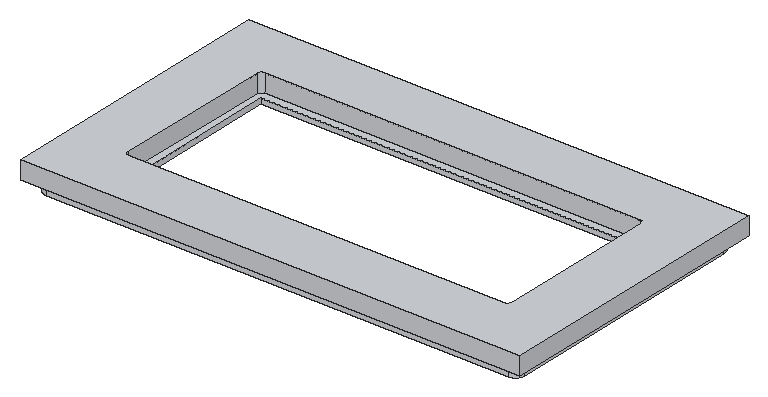
Revit family "Gira_1002122", category Electrical Fixtures, host Face, Revit 2017
Family settings
  Host = Face
  Maintain Annotation Orientation = No
  Round Connector Dimension = Use Diameter
  Part Type = Normal
  Cut with Voids When Loaded = No
  Shared = No
  Room Calculation Point = No
Parameters (values of type "Cov.fr. 2-g w/o cb Gira Esprit umber gl.")
  With mounting grid = "No"
  With hinged lid = "No"
  URL = "http://katalog.gira.de/en/datenblatt.html?artikelnr=1002122"
  Type of fastening = "Clamp mounting"
  Transparent = "No"
  Surface protection = "Other"
  Suitable for wall duct = "No"
  Suitable for flush-mounted installation = "Yes"
  Suitable for floor box = "No"
  Suitable for built-in installation = "No"
  Number of units vertical = "2"
  Number of units horizontal = "2"
  Number of units = "2"
  Name = "Cov.fr. 2-g w/o cb Gira Esprit umber gl."
  Mounting direction = "Horizontal and vertical"
  Material quality = "Real glass"
  Material = "Glass"
  Manufacturer URL = "https://www.gira.de/"
  Manufacturer = "Gira"
  Label space/information surface = "No"
  Keynote = ""
  HeinzeBIM = "https://bimportal.heinze.de/bim/cov-fr-2-g-w-o-cb-gira-esprit-umber-gl-/9b70d2c8b71f9a9baf8c70b608f5ac09b87813af"
  Halogen free = "Yes"
  HAN = "1002122"
  GTIN = "4010337076384"
  Description = "Cov.fr.2g w o cb Espr. GUm,Gira Esprit cover frame,umber glass,2-gang without crossbar,"
  Degree of protection (IP) = "IP20"
  Default Elevation = 1219.2 mm
  Data sheet (1) = "https://katalog.gira.de/en/download.html?artikelnr=1002122"
  Colour = "Other"
  Category = "Cover frame for domestic switching devices"
  BIM (1) = "https://media.stage.bim.site/public/gira/36a6b08/Espr._Rahmen_2fach o.Mittelsteg.rfa?public/gira/36a6b08/Espr._Rahmen_2fach o.Mittelsteg.rfa"
  Available = "No"
Reference planes
  plane 1 "Center (Front/Back)": y = 0
  plane 2: z = 0
  plane 3 "Center (Left/Right)": x = 0
Forms (mm)
  Extrusion 1, solid, detail levels fine
    sketch origin (0, 0, 0) x (1, 0, 0) y (0, 1, 0)
      loop
        line (-83, 47.5) -> (-83, -47.5) -> (83, -47.5) -> (83, 47.5) -> (-83, 47.5)
      loop
        arc (-63.75, -26.7) -> (-63.311, -27.761) -> (-62.25, -28.2) r 1.5
        line (-62.25, -28.2) -> (62.25, -28.2)
        arc (62.25, -28.2) -> (63.311, -27.761) -> (63.75, -26.7) r 1.5
        line (63.75, -26.7) -> (63.75, 26.7)
        arc (63.75, 26.7) -> (63.311, 27.761) -> (62.25, 28.2) r 1.5
        line (62.25, 28.2) -> (-62.25, 28.2)
        arc (-62.25, 28.2) -> (-63.311, 27.761) -> (-63.75, 26.7) r 1.5
        line (-63.75, 26.7) -> (-63.75, -26.7)
    from 0 to 6
  Extrusion 2, solid, detail levels fine
    sketch origin (0, 0, 0) x (1, 0, 0) y (0, 1, 0)
      loop
        line (-61.518, -25.7) -> (61.45, -25.7) -> (61.45, 25.7) -> (-61.518, 25.7) -> (-61.518, -25.7)
      loop
        arc (-78.55, -41.3) -> (-78.023, -42.573) -> (-76.75, -43.1) r 1.8
        line (-76.75, -43.1) -> (77.95, -43.1)
        arc (77.95, -43.1) -> (79.223, -42.573) -> (79.75, -41.3) r 1.8
        line (79.75, -41.3) -> (79.75, 41.3)
        arc (79.75, 41.3) -> (79.223, 42.573) -> (77.95, 43.1) r 1.8
        line (77.95, 43.1) -> (-76.75, 43.1)
        arc (-76.75, 43.1) -> (-78.023, 42.573) -> (-78.55, 41.3) r 1.8
        line (-78.55, 41.3) -> (-78.55, -41.3)
    from -1.9 to 0
  Extrusion 3, solid, detail levels fine
    sketch origin (0, 0, 0) x (1, 0, 0) y (0, 1, 0)
      loop
        arc (-76.75, 44.4) -> (-78.871, 43.521) -> (-79.75, 41.4) r 3
        line (-79.75, 41.4) -> (-79.75, -41.4)
        arc (-79.75, -41.4) -> (-78.871, -43.521) -> (-76.75, -44.4) r 3
        line (-76.75, -44.4) -> (76.75, -44.4)
        arc (76.75, -44.4) -> (78.871, -43.521) -> (79.75, -41.4) r 3
        line (79.75, -41.4) -> (79.75, 41.4)
        arc (79.75, 41.4) -> (78.871, 43.521) -> (76.75, 44.4) r 3
        line (76.75, 44.4) -> (-76.75, 44.4)
      loop
        arc (-78.55, -41.4) -> (-78.023, -42.673) -> (-76.75, -43.2) r 1.8
        line (-76.75, -43.2) -> (76.75, -43.2)
        arc (76.75, -43.2) -> (78.023, -42.673) -> (78.55, -41.4) r 1.8
        line (78.55, -41.4) -> (78.55, 41.4)
        arc (78.55, 41.4) -> (78.023, 42.673) -> (76.75, 43.2) r 1.8
        line (76.75, 43.2) -> (-76.75, 43.2)
        arc (-76.75, 43.2) -> (-78.023, 42.673) -> (-78.55, 41.4) r 1.8
        line (-78.55, 41.4) -> (-78.55, -41.4)
    from -3.7 to 0
  Extrusion 4, solid, detail levels medium
    sketch origin (0, 0, 0) x (1, 0, 0) y (0, 1, 0)
      loop
        line (-83, 47.5) -> (-83, -47.5) -> (83, -47.5) -> (83, 47.5) -> (-83, 47.5)
    from 0 to 6
  Extrusion 5, solid, detail levels medium
    sketch origin (0, 0, 0) x (1, 0, 0) y (0, 1, 0)
      loop
        line (-79.75, 44.4) -> (-79.75, -44.4) -> (79.75, -44.4) -> (79.75, 44.4) -> (-79.75, 44.4)
    from -3.7 to 0
  Extrusion 6, solid, detail levels coarse
    sketch origin (0, 0, 0) x (1, 0, 0) y (0, 1, 0)
      loop
        line (-83, 47.5) -> (-83, -47.5) -> (83, -47.5) -> (83, 47.5) -> (-83, 47.5)
    from -3.7 to 6
Dimensions and locks
  aligned and locked: plane 2 to host face
  aligned and locked: level to host face
